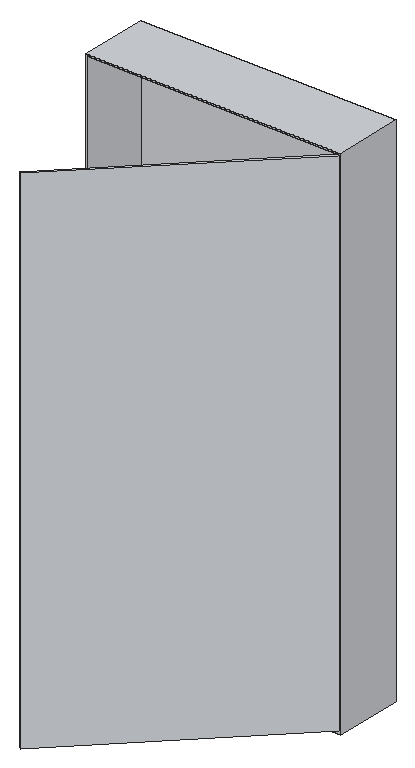
Revit family "Typ.B_TP&N_250A_Side_Extension_Boxes-empty-NoHosted-UK-en", category Electrical Equipment, Revit 2020
Family settings
  Panel Configuration = Two Columns, Circuits Across
  Round Connector Dimension = Use Diameter
  Part Type = Panelboard
  Work Plane-Based = Yes
  Always vertical = Yes
  Cut with Voids When Loaded = No
  Shared = No
  Room Calculation Point = No
Parameters (values of type "Surface mounted P2XC W465 H950 D124.5 0 Modular spacings - JK208BSF")
  Width Control [instance] = if([HG000006 - Flush mounted], if([EF000846 - Built-in width] > min_whd, [EF000846 - Built-in width], min_whd), if([EF000008 - Width] > min_whd, ([EF000008 - Width]), min_whd))  # 465 mm
  Void Depth [instance] = if([EF000218 - Built-in depth] > 1 mm, [EF000218 - Built-in depth], 1 mm)  # 1 mm
  Type Comments = [HG000003 - Range]  # "Type B TP&N Distribution Boards"
  System Height [instance] = Height Control - 2 * [HG000005 - Thickness]  # 944 mm
  Panel Name [instance] = ""  # (empty or 0)
  Offset [instance] = 0 mm
  Model = [HG000004 - Manufacturer reference]  # "JK208BSF"
  Level Offset [instance] = [Flush Mounted - Door Frame Width] + Offset  # 0 mm
  HG000017 - Distance between poles = 18 mm
  HG000016 - Door 3d visibility [instance] = yes
  HG000015 - Clearance visibility [instance] = no
  HG000014 - Door on the right [instance] = yes
  HG000013 - Door on the left [instance] = not([HG000014 - Door on the right])  # no
  HG000012 - Door swing angle [instance] = 45.00°
  HG000011 - Empty rows from bottom = no
  HG000005 - Thickness = 3 mm  # constant formula
  Description = ""
  Default Elevation = 1219.2 mm
  Arrow Offset [instance] = Depth Control / 8  # 15.5 mm
  Arrow Height [instance] = Depth Control - Arrow Offset  # 108.5 mm
  Host Offset [instance] = if([HG000006 - Flush mounted], 0 mm, [EF000049 - Depth])  # 124 mm
  min_whd [instance] = (2 * [HG000005 - Thickness]) + 1 mm  # 7 mm
  Manufacturer = "Hager"  # constant formula
  Height Control [instance] = if([HG000006 - Flush mounted], if([EF000332 - Built-in height] > min_whd, [EF000332 - Built-in height], min_whd), if([EF000040 - Height] > min_whd, ([EF000040 - Height]), min_whd))  # 950 mm
  HG000010 - Asymmetric doors = no
  HG000009 - Double swing door = no
  HG000008 - Number of empty rows = 0
  HG000007 - Number of empty columns = 0
  HG000006 - Flush mounted = no
  HG000004 - Manufacturer reference = "JK208BSF"
  HG000003 - Range = "Type B TP&N Distribution Boards"
  HG000002 - With door or cover = yes
  HG000001 - Number of columns = 0
  Flush Mounted - Door Frame Width [instance] = if(([EF000040 - Height] - [EF000332 - Built-in height]) > 0 mm, if([HG000006 - Flush mounted], [EF000040 - Height] - [EF000332 - Built-in height], 0 mm), 0 mm)  # 0 mm
  EF015941 - Signal passing door = no
  EF015777 - Neutral terminal block = no
  EF015776 - Earthing terminal block = no
  EF009212 - Cover model = ""
  EF006306 - With lock = no
  EF006244 - Transparent cover/door = no
  EF005474 - Degree of protection (IP) = "EV009848 - IP2XC"
  EF004462 - Type of closure = "EV000154 - Other"
  EF002950 - Width in number of modular spacings = 0
  EF001596 - Material housing = "EV000179 - Steel"
  EF001134 - DIN-rail = no
  EF001131 - Internal depth = 0 mm
  EF001088 - Extension possible = no
  EF001062 - EMC-version = no
  EF000846 - Built-in width = 0 mm
  EF000339 - Type of cover = "EV004216 - Door"
  EF000332 - Built-in height = 0 mm
  EF000266 - Number of rows = 0
  EF000218 - Built-in depth = 0 mm
  EF000118 - With mounting plate = no
  EF000116 - RAL-number = "7035"
  EF000049 - Depth = 124 mm
  EF000040 - Height = 950 mm
  EF000008 - Width = 465 mm
  EF000007 - Colour = "EV000154 - Other"
  EF000003 - Mounting method = "EV000384 - Surface mounted (plaster)"
  Depth Control [instance] = if([HG000006 - Flush mounted], if([EF000218 - Built-in depth] > 0 mm, [EF000218 - Built-in depth], 1 mm), if([EF000049 - Depth] > 0 mm, ([EF000049 - Depth]), 1 mm))  # 124 mm
Types (5, lengths in mm): name | System Height | Model | Arrow Offset | Arrow Height | Host Offset | Height Control | HG000004 - Manufacturer reference | EF005474 - Degree of protection (IP) | EF004462 - Type of closure | EF001596 - Material housing | EF000116 - RAL-number | EF000049 - Depth | EF000040 - Height | EF000007 - Colour | Depth Control
  Surface mounted  W465 H1100 D165.5 0 Modular spacings - JK212BSF | 1094 | "JK212BSF" | 20.75 | 145.25 | 166 | 1100 | "JK212BSF" | "" | "" | "" | "" | 166 | 1100 | "" | 166
  Surface mounted  W465 H1250 D165.5 0 Modular spacings - JK216BSF | 1244 | "JK216BSF" | 20.75 | 145.25 | 166 | 1250 | "JK216BSF" | "" | "" | "" | "" | 166 | 1250 | "" | 166
  Surface mounted  W465 H1400 D165.5 0 Modular spacings - JK218BSF | 1394 | "JK218BSF" | 20.75 | 145.25 | 166 | 1400 | "JK218BSF" | "" | "" | "" | "" | 166 | 1400 | "" | 166
  Surface mounted P2XC W465 H1550 D165.5 0 Modular spacings - JK224BSF | 1544 | "JK224BSF" | 20.75 | 145.25 | 166 | 1550 | "JK224BSF" | "EV009848 - IP2XC" | "EV000154 - Other" | "EV000179 - Steel" | "7035" | 166 | 1550 | "EV000154 - Other" | 166
  Surface mounted P2XC W465 H950 D124.5 0 Modular spacings - JK208BSF | 944 | "JK208BSF" | 15.5 | 108.5 | 124 | 950 | "JK208BSF" | "EV009848 - IP2XC" | "EV000154 - Other" | "EV000179 - Steel" | "7035" | 124 | 950 | "EV000154 - Other" | 124
Reference planes
  plane 1 "Center (Front/Back)": y = 0
  plane 2: z = 0
  plane 3 "Center (Left/Right)": x = 0
  plane 4: y = 3
  plane 5: y = 0
  plane 6: y = 0
  plane 7: z = 0
  plane 8: x = -232.5
  plane 9: x = 232.5
  plane 10: x = 229.5
  plane 11: x = -229.5
  plane 12: z = 0
  plane 13: z = 3
  plane 14: y = -119
  plane 15: y = -124
  plane 16: y = -3
  plane 17: z = 947
  plane 18: z = 950
  plane 19: z = 475
  plane 20: x = 0
  plane 21: y = -100
Forms (mm)
  Extrusion 1, solid
    sketch origin (-208.679, -4572, 0) x (-1, 0, 0) y (0, -1, 0)
      loop
        line (23.821, -4448) -> (-441.179, -4448) -> (-441.179, -4572) -> (23.821, -4572) -> (23.821, -4448)
    from 0 to 950 <- "Height Control"
  Extrusion 2, void
    sketch origin (-350.771, -124, 1219.2) x (1, 0, 0) y (0, 0, 1)
      loop
        line (121.271, -272.2) -> (121.271, -1216.2) -> (580.271, -1216.2) -> (580.271, -272.2) -> (121.271, -272.2)
    from 0 to -121
  Extrusion 3, solid, detail levels coarse+medium
    sketch origin (-350.771, -124, 1219.2) x (-1, 0, 0) y (0, 0, 1)
      loop
        line (-121.271, -272.2) -> (-580.271, -272.2) -> (-580.271, -1216.2) -> (-121.271, -1216.2) -> (-121.271, -272.2)
    from 0 to 3 <- "HG000005 - Thickness"
Cuts and joins
  Extrusion 2 cuts Extrusion 1
Dimensions and locks
  "Flush Mounted - Door Frame Width": plane 1 "Center (Front/Back)" to plane 6
  "HG000005 - Thickness": plane 4 to plane 6
  "HG000005 - Thickness": plane 8 to plane 11
  "HG000005 - Thickness": plane 9 to plane 10
  equal spacing: plane 8, plane 3 "Center (Left/Right)", plane 9
  "Width Control": plane 8 to plane 9
  locked: plane 14 to plane 15 at 5
  "Host Offset": plane 1 "Center (Front/Back)" to plane 15
  "Depth Control": plane 5 to plane 15
  "HG000005 - Thickness": plane 5 to plane 16
  "HG000005 - Thickness": plane 13 to plane 12
  "Level Offset": plane 12 to level
  "HG000005 - Thickness": plane 18 to plane 17
  "Height Control": plane 18 to plane 12
  "Arrow Offset": plane 5 to nested 4
  equal spacing: plane 18, plane 19, plane 12
  locked: connector elem to plane 19
  locked: connector elem to plane 3 "Center (Left/Right)"
  aligned and locked: nested 1 to plane 14
  aligned and locked: plane 3 "Center (Left/Right)" to nested 1
  aligned and locked: plane 3 "Center (Left/Right)" to nested 2
  aligned and locked: nested 2 to plane 15
  aligned and locked: plane 5 to Extrusion 1
  aligned and locked: Extrusion 3 sketch curve to plane 17
  aligned and locked: Extrusion 3 sketch curve to plane 11
  aligned and locked: Extrusion 3 sketch curve to plane 13
  aligned and locked: Extrusion 3 sketch curve to plane 10
  aligned and locked: Extrusion 2 sketch curve to plane 13
  aligned and locked: Extrusion 2 sketch curve to plane 10
  aligned and locked: Extrusion 2 sketch curve to plane 17
  aligned and locked: Extrusion 2 sketch curve to plane 11
  aligned and locked: plane 16 to Extrusion 2
  aligned and locked: plane 5 to Extrusion 1 sketch curve
  aligned and locked: plane 9 to Extrusion 1 sketch curve
  aligned and locked: plane 8 to Extrusion 1 sketch curve
  aligned and locked: plane 8 to nested 4
  aligned and locked: plane 8 to nested 3
  aligned and locked: nested 3 to plane 5
  aligned and locked: Extrusion 1 sketch curve to plane 15
  aligned and locked: Extrusion 2 to plane 15
Nested families
  nested 1: "Hager_Enclosure_System" at (0, -119, 3), Flush_Mounted <- "HG000006 - Flush mounted", Width <- "EF000008 - Width", Height <- "System Height", Width_Control <- "Width Control", Row_Module_Multiplicator <- "EF002950 - Width in number of modular spacings", Empty_Columns <- "HG000007 - Number of empty columns", Built-in_Width <- "EF000846 - Built-in width", Border <- "HG000005 - Thickness", Total_No_Empty_Rows <- "HG000008 - Number of empty rows", Depth <- "HG000005 - Thickness", Empty_Rows_From_Bottom <- "HG000011 - Empty rows from bottom", Distance_Between_Poles <- "HG000017 - Distance between poles", Rows_Count <- "EF000266 - Number of rows", Columns_Count <- "HG000001 - Number of columns", type "Hager_Enclosure_System", detail levels medium+fine
    with Width_Control 465 mm, Width 465 mm, Total_No_Rows 0, Total_No_Empty_Rows 0, Total_No_Columns 1, System_Width 459 mm, Rows_Count 0, Rows_Column 0, Row_Module_Multiplicator 0, Panel_4 no, Panel_3 no, Panel_2 no, Panel_1 no, No_Panels_Ctrl 1, Hide_Columns yes, Height 944 mm, Flush_Mounted no, Empty_Rows_From_Bottom no, Empty_Rows_Column 0, Empty_Columns 0, Distance_Between_Poles 18 mm, Depth 3 mm, Columns_Count 0, Column_Width 459 mm, Built-in_Width 0 mm, Border 3 mm
  nested 2: "Hager_Enclosure_Door" at (0, -124, 0), Double <- "HG000009 - Double swing door", Height_Ctrl <- "Height Control", Transparent <- "EF006244 - Transparent cover/door", Depth <- "EF000049 - Depth", Height <- "EF000040 - Height", Angle <- "HG000012 - Door swing angle", Door_Right <- "HG000014 - Door on the right", Assymetrical <- "HG000010 - Asymmetric doors", Flush_Mounted <- "HG000006 - Flush mounted", BuiltIn_Depth <- "EF000218 - Built-in depth", BuiltIn_Width <- "EF000846 - Built-in width", Door <- "HG000002 - With door or cover", Width_Ctrl <- "Width Control", 3d_Door <- "HG000016 - Door 3d visibility", Width <- "EF000008 - Width", Border <- "HG000005 - Thickness", BuiltIn_Height <- "EF000332 - Built-in height", Clearance <- "HG000015 - Clearance visibility", Door_Left <- "HG000013 - Door on the left", type "Hager_Enclosure_Door", detail levels medium+fine
    with min_wh 7 mm, Width_Ctrl 465 mm, Width 465 mm, Transparent_Door_No_Bottom_Border no, Transparent no, Leaf_Width 456 mm, Leaf_Tolerance 1.5 mm, Leaf_Height 941 mm, Leaf_2_Width 456 mm, Leaf_2_Offset 228 mm, Leaf_1_Width 456 mm, Leaf_1_Offset 228 mm, Height_Ctrl 950 mm, Height 950 mm, Frame_Width_Ctrl 465 mm, Frame_Width 465 mm, Frame_Internal_Offset 0 mm, Frame_Height_Ctrl 950 mm, Frame_Height 950 mm, Frame_Depth_Ctrl 1 mm, Frame_Depth 0 mm, Flush_Mounted no, Double_Clearance_Ctrl no, Double no, Door_Right_Ctrl yes, Door_Right yes, Door_Left_Ctrl no, Door_Left no, Door yes, Depth 124 mm, Clearance_Depth 456 mm, Clearance_Ctrl no, Clearance no, BuiltIn_Width 0 mm, BuiltIn_Height 0 mm, BuiltIn_Depth 0 mm, Border 3 mm, Assymetrical no, Angle 45.00°, 3d_Door yes
  nested 3: "Hager_Enclosure_Symbol_Triangle" at (-232.5, 0, 0), Depth <- "Depth Control", Width <- "Width Control", type "Hager_Enclosure_Symbol_Triangle"
    with Width_Ctrl 465 mm, Width 465 mm, Depth_Ctrl 124 mm, Depth 124 mm
  nested 4: "Hager_Enclosure_Symbol_Arrow" at (-232.5, -15.5, 0), Height <- "Arrow Height", type "Hager_Enclosure_Symbol_Arrow"
    with Width_Inside 8.137 mm, Width 97.65 mm, Height_Ctrl 108.5 mm, Height 108.5 mm
Connectors
  electrical at (0, 0, 475)
    settings: on plane 5, index 1, voltage 0 V, apparent load 0 VA, apparent load phase1 0 VA, apparent load phase2 0 VA, apparent load phase3 0 VA, power factor 1, load classification "Other", number of poles 1, system type 30, power factor state 1, is connector primary yes, connector utility no, sub classification motor no, connector description ""
Definition of nested family "Hager_Enclosure_Door"
  Parameters (values of type "Hager_Enclosure_Door")
    min_wh [instance] = (2 * Border) + 1 mm  # 11 mm
    Width_Ctrl [instance] = 400 mm
    Width [instance] = 500 mm
    Transparent_Door_No_Bottom_Border [instance] = no
    Transparent [instance] = yes
    Leaf_Width [instance] = if((Width_Ctrl - 2 * Border - 2 * Leaf_Tolerance) > 0 mm, (Width_Ctrl - 2 * Border - 2 * Leaf_Tolerance), min_wh)  # 387 mm
    Leaf_Tolerance [instance] = 1.5 mm  # constant formula
    Leaf_Height [instance] = if((Height_Ctrl - 2 * Border - 2 * Leaf_Tolerance) > 0 mm, (Height_Ctrl - 2 * Border - 2 * Leaf_Tolerance), min_wh)  # 387 mm
    Leaf_2_Width [instance] = if(and(and(Double, Assymetrical), Door_Left), (Leaf_Width / 3) - (Leaf_Tolerance / 2), if(and(and(Double, Assymetrical), Door_Right), (Leaf_Width / 3) * 2 - (Leaf_Tolerance / 2), if(and(Double, not(Assymetrical)), (Leaf_Width / 2) - Leaf_Tolerance, Leaf_Width)))  # 387 mm
    Leaf_2_Offset [instance] = if(and(Double, Assymetrical), Leaf_2_Width / 2, if(and(Double, not(Assymetrical)), Leaf_Width / 4, Leaf_Width / 2))  # 193.5 mm
    Leaf_1_Width [instance] = if(and(and(Double, Assymetrical), Door_Right), (Leaf_Width / 3) - (Leaf_Tolerance / 2), if(and(and(Double, Assymetrical), Door_Left), (Width / 3) * 2 - (Leaf_Tolerance / 2), if(and(Double, not(Assymetrical)), (Leaf_Width / 2) - Leaf_Tolerance, Leaf_Width)))  # 387 mm
    Leaf_1_Offset [instance] = if(and(Double, Assymetrical), Leaf_1_Width / 2, if(and(Double, not(Assymetrical)), Leaf_Width / 4, Leaf_Width / 2))  # 193.5 mm
    Height_Ctrl [instance] = 400 mm
    Height [instance] = 500 mm
    Frame_Width_Ctrl [instance] = if(Frame_Width > 0 mm, Frame_Width, 1 mm)  # 1 mm
    Frame_Width [instance] = Width - BuiltIn_Width  # 0 mm
    Frame_Internal_Offset [instance] = if(Flush_Mounted, Border, 0 mm)  # 5 mm
    Frame_Height_Ctrl [instance] = if(Frame_Height > 0 mm, Frame_Height, 1 mm)  # 1 mm
    Frame_Height [instance] = Height - BuiltIn_Height  # 0 mm
    Frame_Depth_Ctrl [instance] = if(Frame_Depth > 0 mm, Frame_Depth, 1 mm)  # 1 mm
    Frame_Depth [instance] = if(Depth - BuiltIn_Depth > 0 mm, if(Flush_Mounted, Depth - BuiltIn_Depth, 0 mm), 0 mm)  # 0 mm
    Flush_Mounted [instance] = yes
    Double_Clearance_Ctrl [instance] = and(Double, Clearance)  # no
    Double [instance] = no
    Door_Right_Ctrl [instance] = and(or(Door_Right, Double), Door)  # yes
    Door_Right [instance] = yes
    Door_Left_Ctrl [instance] = and(or(Door_Left, Double), Door)  # no
    Door_Left [instance] = no
    Door [instance] = yes
    Depth [instance] = 500 mm
    Default Elevation = 1219.2 mm
    Clearance_Material = none
    Clearance_Depth [instance] = if(Leaf_1_Width > Leaf_2_Width, Leaf_1_Width, Leaf_2_Width)  # 387 mm
    Clearance_Ctrl [instance] = and(not(Double), Clearance)  # yes
    Clearance [instance] = yes
    BuiltIn_Width [instance] = 500 mm
    BuiltIn_Height [instance] = 500 mm
    BuiltIn_Depth [instance] = 500 mm
    Border [instance] = 5 mm
    Assymetrical [instance] = yes
    Angle [instance] = 30.00°
    3d_Door [instance] = yes
  Reference planes
    plane 1 "Center (Front/Back)": y = 0
    plane 2 "Bottom": z = 0
    plane 3 "Center (Left/Right)": x = 0
    plane 4: z = 400
    plane 5: x = -200
    plane 6: x = 200
    plane 7: z = 395
    plane 8: x = -195
    plane 9: z = 5
    plane 10: x = 195
    plane 11: y = 0
    plane 12: z = 6.5
    plane 13: x = -582
    plane 14: y = -387
    plane 15: x = 582
    plane 16: x = 0
    plane 17: x = 0
    plane 18: x = -193.5
    plane 19: x = 193.5
    plane 20: z = 393.5
  Forms (mm)
    Extrusion 1, solid, visible <- "Flush_Mounted"
      sketch origin (0, 0, 0) x (1, 0, 0) y (0, 0, 1)
        loop
          line (195, 5) -> (195, 395) -> (-195, 395) -> (-195, 5) -> (195, 5)
        loop
          line (-201, 401) -> (-201, -1) -> (201, -1) -> (201, 401) -> (-201, 401)
      from 0 to 1 <- "Frame_Depth_Ctrl"
    Extrusion 2, solid, material <- "Clearance_Material", visible <- "Double_Clearance_Ctrl"
      sketch origin (1200, 0, 0) x (1, 0, 0) y (0, 0, -1)
        loop
          line (-1782, -393.5) -> (-618, -393.5) -> (-618, 0) -> (-1782, 0) -> (-1782, -393.5)
      from 0 to -387
  Dimensions and locks
    equal spacing: plane 5, plane 3 "Center (Left/Right)", plane 6
    "Width_Ctrl": plane 5 to plane 6
    "Border": plane 5 to plane 8
    "Border": plane 6 to plane 10
    "Border": plane 9 to level
    "Border": plane 4 to plane 7
    "Height_Ctrl": plane 4 to level
    "Leaf_Tolerance": plane 12 to plane 9
    "Frame_Depth": plane 11 to plane 1 "Center (Front/Back)"
    "Frame_Width_Ctrl": plane 5 to Extrusion 1 sketch curve
    "Frame_Width_Ctrl": plane 6 to Extrusion 1 sketch curve
    "Frame_Width_Ctrl": Extrusion 1 sketch curve to plane 4
    "Frame_Width_Ctrl": plane 2 "Bottom" to Extrusion 1 sketch curve
    "Leaf_1_Offset": plane 18 to plane 16
    "Leaf_2_Offset": plane 17 to plane 19
    "Leaf_1_Width": plane 13 to plane 8
    "Leaf_2_Width": plane 10 to plane 15
    "Clearance_Depth": plane 14 to plane 1 "Center (Front/Back)"
    "Leaf_Tolerance": plane 8 to plane 18
    "Leaf_Tolerance": plane 19 to plane 10
    "Leaf_Tolerance": plane 7 to plane 20
    "Frame_Internal_Offset": plane 5 to Extrusion 1 sketch curve
    "Frame_Internal_Offset": Extrusion 1 sketch curve to plane 2 "Bottom"
    "Frame_Internal_Offset": plane 6 to Extrusion 1 sketch curve
    "Frame_Internal_Offset": plane 4 to Extrusion 1 sketch curve
    aligned and locked: level to plane 2 "Bottom"
    aligned and locked: nested 1 to plane 16
    aligned and locked: nested 2 to plane 17
    aligned and locked: Extrusion 2 to plane 13
    aligned and locked: plane 15 to Extrusion 2
    aligned and locked: Extrusion 2 to plane 14
    aligned and locked: plane 12 to nested 1
    aligned and locked: nested 2 to plane 12
    aligned and locked: Extrusion 2 to plane 11
    aligned and locked: plane 20 to Extrusion 2
    aligned and locked: nested 2 to plane 11
    aligned and locked: nested 1 to plane 11
  Automatic sketch dimensions
    Extrusion 2 sketch curve to level = 0 mm
    plane 5 to Extrusion 2 sketch curve = 382 mm
    plane 6 to Extrusion 2 sketch curve = 382 mm
    Extrusion 2 sketch curve to plane 4 = 6.5 mm
  Nested families
    nested 1: "Hager_Enclosure_Door_Leaf" at (0, 0, 6.5), Width <- "Leaf_1_Width", visible <- "Door_Left_Ctrl", Leaf_Height <- "Leaf_Height", Angle <- "Angle", Depth <- "Border", 3d_Door <- "3d_Door", Transparent <- "Transparent", Clearance Material <- "Clearance_Material", Clearance <- "Clearance_Ctrl", Transparent_Door_No_Bottom_Border <- "Transparent_Door_No_Bottom_Border", type "Hager_Enclosure_Door_Leaf"
      with Width 387 mm, Transparent_Door_No_Bottom_Border no, Transparent_Door_Border_Bottom_Top 25 mm, Transparent_Door_Border 25 mm, Transparent_Ctrl yes, Transparent yes, Standard no, Leaf_Height 387 mm, Glass_Offset 1 mm, Depth 5 mm, Clearance Material none, Clearance yes, Angle_Ctrl 30.00°, Angle 30.00°, 3d_Door yes
    nested 2: "Hager_Enclosure_Door_Leaf" at (0, 0, 6.5) x (-1, 0, 0) z (0, 0, 1), Width <- "Leaf_2_Width", visible <- "Door_Right_Ctrl", Leaf_Height <- "Leaf_Height", Angle <- "Angle", Depth <- "Border", 3d_Door <- "3d_Door", Transparent <- "Transparent", Clearance Material <- "Clearance_Material", Clearance <- "Clearance_Ctrl", Transparent_Door_No_Bottom_Border <- "Transparent_Door_No_Bottom_Border", type "Hager_Enclosure_Door_Leaf"
      with Width 387 mm, Transparent_Door_No_Bottom_Border no, Transparent_Door_Border_Bottom_Top 25 mm, Transparent_Door_Border 25 mm, Transparent_Ctrl yes, Transparent yes, Standard no, Leaf_Height 387 mm, Glass_Offset 1 mm, Depth 5 mm, Clearance Material none, Clearance yes, Angle_Ctrl 30.00°, Angle 30.00°, 3d_Door yes
  Definition of nested family "Hager_Enclosure_Door_Leaf"
    Parameters (values of type "Hager_Enclosure_Door_Leaf")
      Width [instance] = 2000 mm
      Transparent_Door_No_Bottom_Border [instance] = yes
      Transparent_Door_Border_Bottom_Top [instance] = if(Transparent_Door_No_Bottom_Border, 0.1 mm, Transparent_Door_Border)  # 0.1 mm
      Transparent_Door_Border [instance] = if(Transparent_Door_No_Bottom_Border, (Width * 0.12), 25 mm)  # 240 mm
      Transparent_Ctrl [instance] = and(Transparent, [3d_Door])  # yes
      Transparent [instance] = yes
      Standard [instance] = and(not(Transparent), [3d_Door])  # no
      Leaf_Height [instance] = 2720.336 mm
      Glass_Offset [instance] = if((Depth - 10 mm) / 2 > 0 mm, (Depth - 10 mm) / 2, 1 mm)  # 15 mm
      Glass_Material = none
      Depth [instance] = 40 mm
      Default Elevation = 0 mm
      Clearance Material [instance] = none
      Clearance [instance] = yes
      Angle_Ctrl [instance] = if(Angle > 170.00°, 170.00°, Angle)  # 45.00°
      Angle [instance] = 45.00°
      3d_Door [instance] = yes
    Reference planes
      plane 1 "Center (Front/Back)": y = 0
      plane 2: z = 0
      plane 3 "Center (Left/Right)": x = 0
      plane 4: y = 2000
      plane 5: x = -1000
      plane 6: x = 1000
      plane 7: x = -3000
      plane 8: z = 2720.336
      plane 9: z = 0.1
      plane 10: z = 2720.236
      plane 11: x = 760
      plane 12: x = -760
    Forms (mm)
      Extrusion 1, solid, material <- "Clearance Material", visible <- "Clearance"
        sketch origin (0, 0, 0) x (1, 0, 0) y (0, 0, 1)
          loop
            line (-3000, 2720.336) -> (-3000, 0) -> (1000, 0) -> (1000, 2720.336) -> (-3000, 2720.336)
        from 0 to -2000
      Extrusion 2, solid, visible <- "Standard", detail levels medium+fine
        sketch origin (-1000, 0, 0) x (0.707107, 0.707107, 0) y (-0.707107, 0.707107, 0)
          loop
            line (0, -40) -> (2000, -40) -> (2000, 0) -> (0, 0) -> (0, -40)
        from 0 to 2720.336 <- "Leaf_Height"
      Extrusion 3, solid, visible <- "Transparent_Ctrl", detail levels medium+fine
        sketch origin (-1000, 0, 0) x (0.707107, 0.707107, 0) y (-0.707107, 0.707107, 0)
          loop
            line (0, -40) -> (2000, -40) -> (2000, 0) -> (0, 0) -> (0, -40)
        from 0 to 2720.336 <- "Leaf_Height"
      Extrusion 4, void, detail levels medium+fine
        sketch origin (-1000, 0, 0) x (-0.707107, 0.707107, 0) y (0.707107, 0.707107, 0)
          loop
            line (0, 240) -> (0, 1760) -> (-40, 1760) -> (-40, 240) -> (0, 240)
        from -2720.236 to -0.1
      Extrusion 5, solid, material <- "Glass_Material", visible <- "Transparent_Ctrl", detail levels medium+fine
        sketch origin (-1000, 0, 0) x (0.707107, 0.707107, 0) y (-0.707107, 0.707107, 0)
          loop
            line (240, -15) -> (240, -25) -> (1760, -25) -> (1760, -15) -> (240, -15)
        from 0.1 to 2720.236
    Cuts and joins
      Extrusion 4 cuts Extrusion 3
    Lines and regions (mm)
      symbolic lines
        curve 1: line (1000, 0, 0) -> (-3000, 0, 0)
        curve 2: arc (1000, 0, 0) -> (-1000, 2000, 0) -> (-3000, 0, 0) r 2000
        curve 4: line (-1000, 0, 0) -> (414.214, 1414.214, 0)
      reference lines
        curve 3: line (-1000, 0, 0) -> (414.214, 1414.214, 0)
      symbolic lines, detail levels medium+fine
        curve 5: line (414.214, 1414.214, 0) -> (442.498, 1385.929, 0)
        curve 6: line (442.498, 1385.929, 0) -> (-971.716, -28.284, 0)
        curve 7: line (-971.716, -28.284, 0) -> (-1000, 0, 0)
        curve 8: line (-1000, 0, 2720.336) -> (1000, 0, 2720.336)
        curve 9: line (-1000, 0, 0) -> (-1000, 0, 2720.336)
        curve 10: line (1000, 0, 0) -> (-1000, 0, 0)
        curve 11: line (1000, 0, 2720.336) -> (1000, 0, 0)
      symbolic lines, visible <- "Transparent_Ctrl", detail levels medium+fine
        curve 12: line (-760, 0, 2720.236) -> (760, 0, 2720.236)
        curve 13: line (-760, 0, 0.1) -> (-760, 0, 2720.236)
        curve 14: line (760, 0, 0.1) -> (-760, 0, 0.1)
        curve 15: line (760, 0, 2720.236) -> (760, 0, 0.1)
    Dimensions and locks
      "Width": plane 1 "Center (Front/Back)" to plane 4
      equal spacing: plane 5, plane 3 "Center (Left/Right)", plane 6
      "Width": plane 5 to plane 6
      "Width": plane 7 to plane 5
      "Leaf_Height": plane 8 to level
      "Depth": curve 6 to curve 3
      "Width": curve 5 to curve 3
      "Width": curve 3 to curve 3
      "Transparent_Door_Border": Extrusion 4 sketch curve to curve 7
      "Transparent_Door_Border": Extrusion 4 sketch curve to curve 5
      "Transparent_Door_Border_Bottom_Top": plane 8 to plane 10
      "Transparent_Door_Border_Bottom_Top": plane 9 to level
      "Glass_Offset": Extrusion 5 sketch curve to curve 4
      "Glass_Offset": Extrusion 5 sketch curve to curve 6
      "Transparent_Door_Border": Extrusion 5 sketch curve to curve 5
      "Transparent_Door_Border": Extrusion 5 sketch curve to curve 7
      "Transparent_Door_Border": plane 12 to plane 5
      "Transparent_Door_Border": plane 6 to plane 11
      "Angle_Ctrl": angle plane 1 "Center (Front/Back)" to curve 3
      aligned and locked: level to plane 2
      aligned and locked: Extrusion 1 to curve 1
      aligned and locked: plane 6 to Extrusion 1
      aligned and locked: Extrusion 1 to plane 1 "Center (Front/Back)"
      aligned and locked: plane 4 to Extrusion 1
      aligned and locked: plane 8 to Extrusion 1
      aligned and locked: curve 4 to curve 3
      aligned and locked: Extrusion 2 sketch curve to curve 7
      aligned and locked: Extrusion 2 sketch curve to curve 6
      aligned and locked: Extrusion 2 sketch curve to curve 5
      aligned and locked: Extrusion 2 sketch curve to curve 3
      aligned and locked: curve 7 to Extrusion 3 sketch curve
      aligned and locked: Extrusion 3 sketch curve to curve 4
      aligned and locked: Extrusion 3 sketch curve to curve 6
      aligned and locked: Extrusion 3 sketch curve to curve 5
      aligned and locked: curve 4 to Extrusion 4 sketch curve
      aligned and locked: curve 6 to Extrusion 4 sketch curve
      aligned and locked: Extrusion 4 to plane 9
      aligned and locked: Extrusion 4 to plane 10
      aligned and locked: Extrusion 5 to plane 9
      aligned and locked: Extrusion 5 to plane 10
      aligned and locked: curve 8 to plane 8
      aligned and locked: plane 5 to curve 9
      aligned and locked: plane 2 to curve 10
      aligned and locked: curve 11 to plane 6
      aligned and locked: plane 10 to curve 12
      aligned and locked: plane 12 to curve 13
      aligned and locked: curve 14 to plane 9
      aligned and locked: plane 11 to curve 15
    Automatic sketch dimensions
      plane 1 "Center (Front/Back)" to curve 2 = 0 mm
      curve 2 to plane 5 = 0 mm
      Extrusion 1 sketch curve to level = 0 mm
      Extrusion 1 sketch curve to plane 7 = 0 mm
      Extrusion 1 sketch curve to plane 6 = 0 mm
      Extrusion 1 sketch curve to plane 8 = 0 mm
      plane 1 "Center (Front/Back)" to curve 3 = 0 mm
      curve 3 to plane 5 = 0 mm
      curve 7 to curve 3 = 0 mm
Definition of nested family "Hager_Enclosure_Symbol_Triangle"
  Parameters (values of type "Hager_Enclosure_Symbol_Triangle")
    Width_Ctrl [instance] = if(Width > 1 mm, Width, 1 mm)  # 498 mm
    Width [instance] = 498 mm
    Depth_Ctrl [instance] = if(Depth > 1 mm, Depth, 1 mm)  # 72 mm
    Depth [instance] = 72 mm
  Reference planes
    plane 1 "Centre (avant/arrière)": y = 0
    plane 2: z = 0
    plane 3 "Centre (gauche/droite)": x = 0
  Lines and regions (mm)
    Filled region 1, type "Solid_Black", in view "Niveau de réf."
      outline origin (0, 0, 0) x (1, 0, 0) y (0, 1, 0)
        loop
          line (0, 0) -> (498, 0) -> (498, 72) -> (0, 0)
    reference lines, in view "Niveau de réf."
      curve 1: line (-206.153, 72, 0) -> (1083.258, 72, 0)
      curve 2: line (498, 405.456, 0) -> (498, -517.619, 0)
  Dimensions and locks
    "Depth_Ctrl": plane 1 "Centre (avant/arrière)" to curve 1
    "Width_Ctrl": plane 3 "Centre (gauche/droite)" to curve 2
    aligned and locked: curve 1 to Filled region 1 sketch curve
    aligned and locked: Filled region 1 sketch curve to plane 1 "Centre (avant/arrière)"
    aligned and locked: curve 2 to Filled region 1 sketch curve
    aligned and locked: plane 3 "Centre (gauche/droite)" to Filled region 1 sketch curve
    aligned and locked: plane 1 "Centre (avant/arrière)" to Filled region 1 sketch curve
  Automatic sketch dimensions
    curve 1 to plane 3 "Centre (gauche/droite)" = 206.153 mm
    curve 2 to curve 1 = 585.258 mm
    plane 1 "Centre (avant/arrière)" to curve 2 = 517.619 mm
    curve 2 to plane 1 "Centre (avant/arrière)" = 405.456 mm
Definition of nested family "Hager_Enclosure_Symbol_Arrow"
  Parameters (values of type "Hager_Enclosure_Symbol_Arrow")
    Width_Inside [instance] = if(Width / 12 > 2 mm, Width / 12, 2 mm)  # 4.987 mm
    Width [instance] = if(Height_Ctrl * 0.9 > 2 mm, Height_Ctrl * 0.9, 2 mm)  # 59.85 mm
    Height_Ctrl [instance] = if(Height > 2 mm, Height, 2 mm)  # 66.5 mm
    Height [instance] = 66.5 mm
  Reference planes
    plane 1 "Centre (avant/arrière)": y = 0
    plane 2: z = 0
    plane 3 "Centre (gauche/droite)": x = 0
    plane 4: x = 59.85
    plane 5: y = 28.263
    plane 6: y = 38.238
    plane 7: y = 66.5
    plane 8: x = 29.925
    plane 9: y = 33.25
  Lines and regions (mm)
    Filled region 1, type "Solid_Black", in view "Niveau de réf."
      outline origin (0, 0, 0) x (1, 0, 0) y (0, 1, 0)
        loop
          line (59.85, 66.5) -> (37.929, 52.827) -> (51.846, 41.935) -> (59.85, 66.5)
    detail lines, in view "Niveau de réf."
      curve 1: line (0, 0, 0) -> (29.925, 38.238, 0)
      curve 2: line (29.925, 38.238, 0) -> (29.925, 28.263, 0)
      curve 3: line (29.925, 28.263, 0) -> (59.85, 66.5, 0)
  Dimensions and locks
    "Width": plane 3 "Centre (gauche/droite)" to plane 4
    "Height_Ctrl": plane 7 to plane 1 "Centre (avant/arrière)"
    equal spacing: plane 3 "Centre (gauche/droite)", plane 8, plane 4
    equal spacing: plane 7, plane 9, plane 1 "Centre (avant/arrière)"
    equal spacing: plane 6, plane 9, plane 5
    "Width_Inside": plane 6 to plane 9
    equal spacing: curve 3, Filled region 1 sketch curve, Filled region 1 sketch curve
    angle Filled region 1 sketch curve to curve 3 = 20.00°
    angle curve 3 to Filled region 1 sketch curve = 20.00°
    locked: curve 3 to Filled region 1 sketch curve (angle 90.00°)
  Automatic sketch dimensions
    plane 1 "Centre (avant/arrière)" to curve 1 = 0 mm
    curve 1 to plane 3 "Centre (gauche/droite)" = 0 mm
    curve 2 to plane 6 = 0 mm
    curve 3 to plane 8 = 0 mm
    curve 3 to plane 4 = 0 mm
    curve 2 to plane 5 = 0 mm
    curve 3 to plane 7 = 0 mm
    Filled region 1 sketch curve to plane 4 = 0 mm
    Filled region 1 sketch curve to plane 7 = 0 mm
